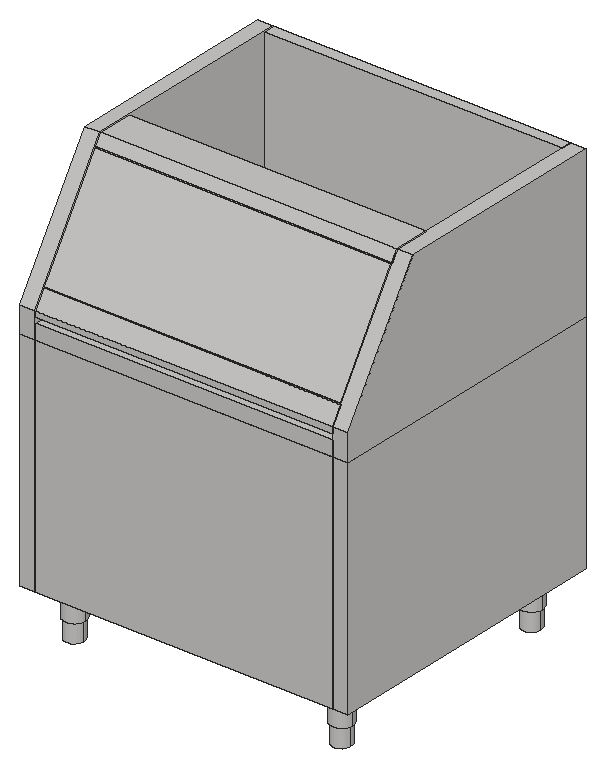
Revit family "QF_Brema_BIN200", category Specialty Equipment, Revit 2012
Parameters (values of type "BIN200")
  Width = 870 mm
  Weight = "74 kg"
  Watts = 0 W
  Volts = 0 V
  URL Cutsheet = ""
  URL = "www.bremaice.it"
  Status [instance] = ""
  Specification by User [instance] = ""
  Specification by Manufacturer [instance] = ""
  Show Logo [instance] = yes
  Show Clearance [instance] = yes
  Serial Number = ""
  Seismic Rating = ""
  SMACNA No = ""
  Revision Code [instance] = ""
  Refrigerant Volume [instance] = 0.00 kN
  Refrigerant Type = "R404A"
  Plumbing Remarks [instance] = ""
  Plumbing Connection Type [instance] = ""
  Phase = 0
  Number of Poles [instance] = 1
  NAFEM Spec ID Number = ""
  Model = "BIN200"
  Min Ckt Ampacity = 0 A
  Max Overcurrent Protection = 0 A
  Manufacturer = "BREMA"
  Item Number [instance] = ""
  Installed By [instance] = ""
  Indirect Waste Size = 1"
  Indirect Waste Radius = Indirect Waste Size / 2  # 1/2"
  Indirect Waste Flow [instance] = 0 m³/h
  Indirect Waste Connection Type [instance] = ""
  Indirect Waste Connection Height = 130 mm
  Identify Quantity as Lot [instance] = no
  Height = 1000 mm
  HP = ""
  Furnished By [instance] = ""
  Foodservice Equipment Identifier [instance] = yes
  FL Amps = 0 A
  Electrical Remarks [instance] = ""
  Electric Connection Type [instance] = ""
  Elec Conn RI Height [instance] = 0 mm
  Elec Conn Connection Height = 0 mm
  Description = "ICE STORAGE BIN"
  Depth = 790 mm
  Daily Production [instance] = "0,0 kg/24h T=21°C:15°C"
  Cycle = 0 Hz
  Conn Plug = ""
  Conn Conduit = yes
  Cold Water Temperature Recommended [instance] = 32 °C
  Cold Water Size Radius = Cold Water Size / 2  # 3/8"
  Cold Water Size = 3/4"
  Cold Water RI Height [instance] = 0 mm
  Cold Water Minimum Pressure = 1.0 bar
  Cold Water Maximum Pressure = 6.0 bar
  Cold Water Flow [instance] = 0 m³/h
  Cold Water Consumption [instance] = "0 l/kg"
  Cold Water Connection Height = 0 mm
  CSI MasterFormat = ""
  BTUH = 0 W
  Assembly Code = "E1090320"
  Apparent Power = 0 VA
Reference planes
  plane 1 "BACK": y = 0
  plane 2: z = 0
  plane 3 "LEFT": x = 0
  plane 4 "RIGHT": x = 870
  plane 5 "FRONT": y = -790
  plane 6 "TOP": z = 1130
Forms (mm)
  Extrusion 1, solid, visible <- "Show Clearance", detail levels coarse
    sketch origin (0, 0, 0) x (1, 0, 0) y (0, 1, 0)
      loop
        line (0, 50) -> (0, 0) -> (870, 0) -> (870, 50) -> (0, 50)
    from 0 to 1130
  Extrusion 2, solid
    sketch origin (915, -181.5, 130) x (-1, 0, 0) y (0, -1, 0)
      loop
        circle (305, -26.5) r 12.7
    from 0 to -20
  Extrusion 3, solid
    sketch origin (0, 0, 515) x (0, 1, 0) y (0, 0, 1)
      loop
        line (-480, 615) -> (-575, 615) -> (-591.288, 590) -> (-480, 590) -> (-480, 615)
    from 40 to 830
  Extrusion 4, solid
    sketch origin (0, 0, 30) x (0, 1, 0) y (0, 0, 1)
      loop
        line (-575, 1100) -> (-790, 770) -> (-790, 700) -> (0, 700) -> (0, 1100) -> (-575, 1100)
    from 0 to 40
  Extrusion 5, solid
    sketch origin (870, 0, 30) x (0, 1, 0) y (0, 0, 1)
      loop
        line (0, 1100) -> (-575, 1100) -> (-790, 770) -> (-790, 700) -> (0, 700) -> (0, 1100)
    from 0 to -40
  Extrusion 6, solid
    sketch origin (0, 0, 0) x (1, 0, 0) y (0, 1, 0)
      loop
        line (40, -30) -> (40, -760) -> (830, -760) -> (830, -30) -> (40, -30)
    from 130 to 150
  Extrusion 7, solid
    sketch origin (870, 0, 30) x (0, 1, 0) y (0, 0, 1)
      loop
        line (0, 1100) -> (-30, 1100) -> (-30, 100) -> (0, 100) -> (0, 1100)
    from -40 to -830
  Extrusion 8, solid
    sketch origin (-860, -790, 30) x (1, 0, 0) y (0, 0, 1)
      loop
        line (900, 700) -> (900, 100) -> (1690, 100) -> (1690, 700) -> (900, 700)
    from 0 to -30
  Extrusion 9, solid
    sketch origin (-860, -790, 153.662) x (1, 0, 0) y (0, 0, 1)
      loop
        line (900, 616.338) -> (900, 576.338) -> (1690, 576.338) -> (1690, 616.338) -> (900, 616.338)
    from 0 to -30
  Extrusion 10, solid
    sketch origin (-860, -790, 192.389) x (1, 0, 0) y (0, 0, 1)
      loop
        line (900, 592.611) -> (900, 577.611) -> (1690, 577.611) -> (1690, 592.611) -> (900, 592.611)
    from -28 to -30
  Extrusion 11, solid
    sketch origin (870, 25, 0) x (0, 1, 0) y (0, 0, 1)
      loop
        line (-815, 800) -> (-815, 785) -> (-788.967, 785) -> (-762.571, 825.516) -> (-787.706, 841.892) -> (-815, 800)
    from -830 to -40
  Extrusion 12, solid
    sketch origin (110, -785.325, 0) x (-1, 0, 0) y (0, -1, 0)
      loop
        circle (30, -76) r 25
    from 0 to 50
  Extrusion 13, solid
    sketch origin (-280, -289.325, 130) x (-1, 0, 0) y (0, -1, 0)
      loop
        circle (-360, 420) r 29
    from -80 to 0
  Extrusion 14, solid
    sketch origin (110, -155.325, 0) x (-1, 0, 0) y (0, -1, 0)
      loop
        circle (30, -76) r 25
    from 0 to 50
  Extrusion 15, solid
    sketch origin (-280, 340.675, 130) x (-1, 0, 0) y (0, -1, 0)
      loop
        circle (-360, 420) r 29
    from -80 to 0
  Extrusion 16, solid
    sketch origin (760, -785.325, 0) x (1, 0, 0) y (0, 1, 0)
      loop
        circle (30, 76) r 25
    from 0 to 50
  Extrusion 17, solid
    sketch origin (1150, -289.325, 130) x (1, 0, 0) y (0, 1, 0)
      loop
        circle (-360, -420) r 29
    from -80 to 0
  Extrusion 18, solid
    sketch origin (760, -155.325, 0) x (1, 0, 0) y (0, 1, 0)
      loop
        circle (30, 76) r 25
    from 0 to 50
  Extrusion 19, solid
    sketch origin (1150, 340.675, 130) x (1, 0, 0) y (0, 1, 0)
      loop
        circle (-360, -420) r 29
    from -80 to 0
  Extrusion 20, solid
    sketch origin (870, 25, 0) x (0, 1, 0) y (0, 0, 1)
      loop
        line (-618.894, 1101) -> (-786.069, 844.406) -> (-760.933, 828.03) -> (-583.089, 1101) -> (-618.894, 1101)
    from -828 to -42
  Extrusion 21, solid
    sketch origin (0, 1000, 0) x (0, 1, 0) y (0, 0, 1)
      loop
        line (-1000, 730) -> (-1790, 730) -> (-1790, 130) -> (-1000, 130) -> (-1000, 730)
    from 0 to 40
  Extrusion 22, solid
    sketch origin (870, 0, -490) x (0, 1, 0) y (0, 0, 1)
      loop
        line (0, 1220) -> (-790, 1220) -> (-790, 620) -> (0, 620) -> (0, 1220)
    from 0 to -40
Lines and regions (mm)
  symbolic lines, style "QF_Clearances", visible <- "Show Clearance", detail levels coarse
    curve 1: line (0, 50, 0) -> (870, 50, 0)
  symbolic lines, style "200-EquipBorder-2D"
    curve 2: line (0, 0, 5) -> (870, 0, 5)
    curve 3: line (0, -790, 5) -> (0, 0, 5)
    curve 4: line (870, -790, 5) -> (0, -790, 5)
    curve 5: line (870, 0, 5) -> (870, -790, 5)
  symbolic lines, style "200-EquipInternal-2D"
    curve 6: line (40, 0, 5) -> (40, -790, 5)
    curve 7: line (830, -790, 5) -> (830, 0, 5)
    curve 8: line (40, -30, 5) -> (830, -30, 5)
    curve 9: line (40, -480, 5) -> (830, -480, 5)
    curve 10: line (40, -591.288, 5) -> (830, -591.288, 5)
    curve 11: line (40, -575, 5) -> (830, -575, 5)
    curve 12: line (40, -593.894, 5) -> (830, -593.894, 5)
    curve 13: line (40, -762.706, 5) -> (830, -762.706, 5)
Dimensions and locks
  plane 4 "RIGHT" to plane 3 "LEFT" = 870 mm
  plane 5 "FRONT" to plane 1 "BACK" = 790 mm
  plane 6 "TOP" to plane 2 = 1130 mm  (x2)
  aligned and locked: level to plane 2
  aligned and locked: plane 4 "RIGHT" to Extrusion 1
  aligned and locked: plane 6 "TOP" to Extrusion 1
  aligned and locked: plane 4 "RIGHT" to curve 1
Connectors
  piping at (610, -155, 110), driven by "Indirect Waste Flow", driven by "Indirect Waste Radius"
    settings: on Extrusion 2, index 6, connector radius 1/2", flow factor 0, pipe flow 0 m³/h, pressure drop 0.0 bar, fitting loss kfactor 0, connector angle 0.00°, fixture units 0, engagement length 0 mm, flow configuration 1, flow direction 2, fitting loss method 0, system type 16, joint type 0, gender type 0, connector reference index -1, connector utility 0, adjustable connector no, is connector primary yes, fitting loss table "", connector description "Water drain"
